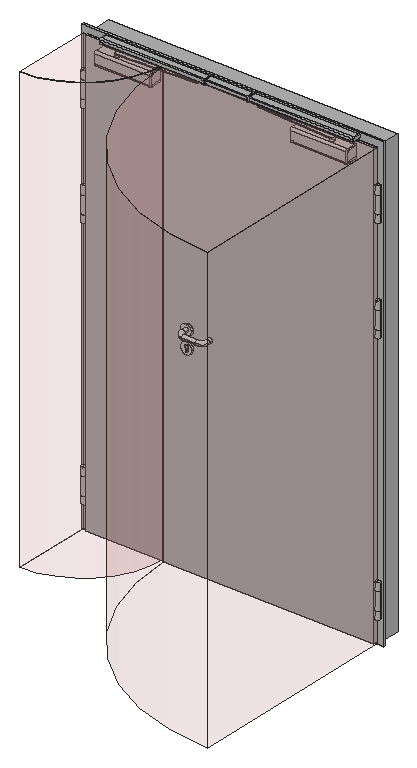
Revit family "ASSA ABLOY - ALPE Sp 120-2, double-leaf, angular frame", category Doors, host Wall, Revit 2021 (continued)
Definition of nested family "DC700 DC500 Door closer, Cam-Motion_ASSA ABLOY"
  Dimensions and locks
    locked: SweptBlend 8 sketch curve to SweptBlend 8 sketch curve at 0.8
    locked: plane 22 to plane 1 "Center (Front/Back)" at 30
    Sweep 9 sketch curve to Sweep 9 sketch curve = 18.000 mm
    aligned and locked: level to plane 2
    aligned and locked: plane 5 to Sweep 1 sketch curve
    aligned and locked: plane 6 to Sweep 1 sketch curve
    aligned and locked: plane 7 to SweptBlend 2 sketch curve
    aligned and locked: plane 5 to SweptBlend 2 sketch curve
    aligned and locked: SweptBlend 2 sketch curve to plane 1 "Center (Front/Back)"
    aligned and locked: plane 8 to SweptBlend 3 sketch curve
    aligned and locked: plane 6 to SweptBlend 3 sketch curve
    aligned and locked: plane 1 "Center (Front/Back)" to SweptBlend 3 sketch curve
    aligned and locked: plane 17 to Sweep 4 sketch curve
    aligned and locked: plane 16 to Sweep 4 sketch curve  (x2)
    aligned and locked: plane 13 to Sweep 4 sketch curve
    aligned and locked: plane 11 to Extrusion 5
    aligned and locked: Extrusion 5 to plane 19
    aligned and locked: Sweep 6 sketch curve to plane 21
    aligned and locked: plane 9 to Sweep 6 sketch curve
    aligned and locked: plane 10 to Sweep 6 sketch curve
    aligned and locked: plane 21 to Sweep 6 sketch curve
    aligned and locked: plane 11 to Sweep 6 sketch curve
    aligned and locked: Sweep 6 sketch curve to plane 12
    aligned and locked: SweptBlend 7 sketch curve to plane 21
    aligned and locked: plane 9 to SweptBlend 7 sketch curve
    aligned and locked: plane 14 to SweptBlend 7 sketch curve
    aligned and locked: plane 21 to SweptBlend 7 sketch curve  (x2)
    aligned and locked: plane 10 to SweptBlend 8 sketch curve
    aligned and locked: Sweep 9 sketch curve to plane 16
    aligned and locked: plane 19 to Sweep 9 sketch curve
    aligned and locked: plane 17 to Sweep 9 sketch curve
    aligned and locked: plane 18 to Sweep 9 sketch curve
    aligned and locked: plane 20 to Sweep 9 sketch curve
    aligned and locked: plane 16 to Sweep 9 sketch curve
    aligned and locked: plane 22 to Sweep 9 sketch curve
    aligned and locked: plane 22 to Sweep 4 sketch curve
  Automatic sketch dimensions
    plane 1 "Center (Front/Back)" to Sweep 1 sketch curve = 0.000 mm
    Sweep 1 sketch curve to profile plane = 0.000 mm
    profile plane to Sweep 1 sketch curve = 48.000 mm
    Sweep 1 sketch curve to Sweep 1 sketch curve = 0.000 mm
    Sweep 1 sketch curve to Sweep 1 sketch curve = 10.000 mm
    Sweep 1 sketch curve to level = 32.000 mm
    level to Sweep 1 sketch curve = 22.000 mm
    SweptBlend 2 sketch curve to profile plane = 0.000 mm  (x2)
    SweptBlend 2 sketch curve to level = 30.000 mm
    SweptBlend 2 sketch curve to profile plane = 46.250 mm  (x2)
    SweptBlend 2 sketch curve to SweptBlend 2 sketch curve = 9.375 mm
    level to SweptBlend 2 sketch curve = 20.625 mm
    SweptBlend 2 sketch curve to level = 23.250 mm
    SweptBlend 2 sketch curve to profile plane = 41.469 mm
    level to SweptBlend 2 sketch curve = 23.250 mm
    SweptBlend 2 sketch curve to SweptBlend 2 sketch curve = 0.000 mm
    SweptBlend 2 sketch curve to SweptBlend 2 sketch curve = 7.266 mm
    SweptBlend 3 sketch curve to profile plane = 0.000 mm  (x2)
    profile plane to SweptBlend 3 sketch curve = 46.250 mm  (x2)
    SweptBlend 3 sketch curve to level = 30.000 mm
    SweptBlend 3 sketch curve to SweptBlend 3 sketch curve = 9.375 mm
    level to SweptBlend 3 sketch curve = 20.625 mm
    profile plane to SweptBlend 3 sketch curve = 41.469 mm
    SweptBlend 3 sketch curve to level = 23.250 mm
    SweptBlend 3 sketch curve to SweptBlend 3 sketch curve = 0.000 mm
    SweptBlend 3 sketch curve to SweptBlend 3 sketch curve = 7.266 mm
    level to SweptBlend 3 sketch curve = 15.984 mm
    Extrusion 5 sketch curve to plane 18 = 0.000 mm
    plane 20 to Extrusion 5 sketch curve = 0.000 mm
    profile plane to Sweep 6 sketch curve = 35.000 mm
    Sweep 6 sketch curve to Sweep 6 sketch curve = 0.000 mm
    Sweep 6 sketch curve to Sweep 6 sketch curve = 4.000 mm
    profile plane to SweptBlend 7 sketch curve = 33.900 mm
    SweptBlend 7 sketch curve to SweptBlend 7 sketch curve = 0.000 mm  (x2)
    SweptBlend 7 sketch curve to SweptBlend 7 sketch curve = 4.000 mm
    level to SweptBlend 7 sketch curve = 49.300 mm
    SweptBlend 7 sketch curve to SweptBlend 7 sketch curve = 12.800 mm
    profile plane to SweptBlend 7 sketch curve = 31.700 mm
    SweptBlend 7 sketch curve to SweptBlend 7 sketch curve = 0.700 mm
    level to SweptBlend 7 sketch curve = 51.500 mm
    SweptBlend 7 sketch curve to SweptBlend 7 sketch curve = 15.000 mm
    SweptBlend 8 sketch curve to plane 21 = 0.000 mm
    SweptBlend 8 sketch curve to profile plane = 0.000 mm  (x2)
    SweptBlend 8 sketch curve to SweptBlend 8 sketch curve = 33.900 mm
    SweptBlend 8 sketch curve to SweptBlend 8 sketch curve = 0.000 mm  (x2)
    SweptBlend 8 sketch curve to SweptBlend 8 sketch curve = 4.000 mm
    level to SweptBlend 8 sketch curve = 49.300 mm
    SweptBlend 8 sketch curve to SweptBlend 8 sketch curve = 12.800 mm
    SweptBlend 8 sketch curve to profile plane = 31.700 mm
    SweptBlend 8 sketch curve to SweptBlend 8 sketch curve = 0.700 mm
    level to SweptBlend 8 sketch curve = 51.500 mm
    SweptBlend 8 sketch curve to SweptBlend 8 sketch curve = 15.000 mm
    radius of Sweep 4 sketch curve = 9.000 mm
    radius of Extrusion 5 sketch curve = 9.000 mm
Definition of nested family "G-CO guide rail for DC700 door closer"
  Parameters (values of type "G-CO guide rail for DC700 door closer")
    Thickness = 16.800 mm
    Min. Length [instance] = if(Length < 20.000 mm, 20.000 mm, Length)  # 100.000 mm
    Length [instance] = 100.000 mm
    Default Elevation = 0.000 mm
  Reference planes
    plane 1 "Center (Front/Back)": y = 0
    plane 2: z = 0
    plane 3 "Center (Left/Right)": x = 0
    plane 4: z = 0
    plane 5: x = -50
    plane 6: x = 50
    plane 7: z = 23
    plane 8: x = 45
    plane 9: x = -45
  Forms (mm)
    Sweep 1, solid
      path origin (0, -19.5, 0) x (1, 0, 0) y (0, 1, 0)
        loop
          line (-50, 0) -> (50, 0)
      profile origin (0, -19.5, 0) x (0, 1, 0) y (0, 0, 1)
        loop
          line (19.5, 0) -> (19.5, 23) -> (-15.5, 23)
          arc (-15.5, 23) -> (-18.328, 21.828) -> (-19.5, 19) r 4
          line (-19.5, 19) -> (-19.5, 4)
          arc (-19.5, 4) -> (-18.328, 1.172) -> (-15.5, 0) r 4
          line (-15.5, 0) -> (19.5, 0)
    Sweep 2, solid
      path origin (0, -19.5, 0) x (1, 0, 0) y (0, 1, 0)
        loop
          line (-50, 0) -> (-45, 0)
      profile origin (-47.5, -19.5, 0) x (0, 1, 0) y (0, 0, 1)
        loop
          line (19.5, -2) -> (19.5, 0) -> (-15.5, 0)
          arc (-15.5, 0) -> (-18.328, 1.172) -> (-19.5, 4) r 4
          line (-19.5, 4) -> (-19.5, 19)
          arc (-19.5, 19) -> (-18.328, 21.828) -> (-15.5, 23) r 4
          line (-15.5, 23) -> (19.5, 23) -> (19.5, 25) -> (-15.5, 25)
          arc (-15.5, 25) -> (-19.743, 23.243) -> (-21.5, 19) r 6
          line (-21.5, 19) -> (-21.5, 4)
          arc (-21.5, 4) -> (-19.743, -0.243) -> (-15.5, -2) r 6
          line (-15.5, -2) -> (19.5, -2)
    Sweep 3, solid
      path origin (0, -19.5, 0) x (1, 0, 0) y (0, 1, 0)
        loop
          line (45, 0) -> (50, 0)
      profile origin (47.5, -19.5, 0) x (0, 1, 0) y (0, 0, 1)
        loop
          line (19.5, -2) -> (19.5, 0) -> (-15.5, 0)
          arc (-15.5, 0) -> (-18.328, 1.172) -> (-19.5, 4) r 4
          line (-19.5, 4) -> (-19.5, 19)
          arc (-19.5, 19) -> (-18.328, 21.828) -> (-15.5, 23) r 4
          line (-15.5, 23) -> (19.5, 23) -> (19.5, 25) -> (-15.5, 25)
          arc (-15.5, 25) -> (-19.743, 23.243) -> (-21.5, 19) r 6
          line (-21.5, 19) -> (-21.5, 4)
          arc (-21.5, 4) -> (-19.743, -0.243) -> (-15.5, -2) r 6
          line (-15.5, -2) -> (19.5, -2)
  Dimensions and locks
    equal spacing: plane 5, plane 3 "Center (Left/Right)", plane 6
    "Min. Length": plane 5 to plane 6
    locked: plane 8 to plane 6 at 5
    locked: plane 5 to plane 9 at 5
    aligned and locked: level to plane 2
    aligned and locked: plane 5 to Sweep 1 sketch curve
    aligned and locked: plane 6 to Sweep 1 sketch curve
    aligned and locked: plane 5 to Sweep 2 sketch curve
    aligned and locked: plane 9 to Sweep 2 sketch curve
    aligned and locked: plane 6 to Sweep 3 sketch curve
    aligned and locked: plane 8 to Sweep 3 sketch curve
  Automatic sketch dimensions
    Sweep 1 sketch curve to level = 0.000 mm
    profile plane to Sweep 1 sketch curve = 19.500 mm
    Sweep 1 sketch curve to Sweep 1 sketch curve = 4.000 mm  (x2)
    Sweep 1 sketch curve to Sweep 1 sketch curve = 15.000 mm
    plane 1 "Center (Front/Back)" to Sweep 2 sketch curve = 19.500 mm
    Sweep 2 sketch curve to Sweep 2 sketch curve = 0.000 mm  (x4)
    Sweep 2 sketch curve to level = 0.000 mm
    profile plane to Sweep 2 sketch curve = 21.500 mm
    Sweep 2 sketch curve to Sweep 2 sketch curve = 4.000 mm  (x2)
    Sweep 2 sketch curve to Sweep 2 sketch curve = 15.000 mm
    Sweep 2 sketch curve to level = 2.000 mm
    plane 1 "Center (Front/Back)" to Sweep 3 sketch curve = 19.500 mm
    Sweep 3 sketch curve to Sweep 3 sketch curve = 0.000 mm  (x4)
    Sweep 3 sketch curve to level = 0.000 mm
    profile plane to Sweep 3 sketch curve = 21.500 mm
    Sweep 3 sketch curve to Sweep 3 sketch curve = 2.000 mm
    Sweep 3 sketch curve to Sweep 3 sketch curve = 4.000 mm  (x2)
    Sweep 3 sketch curve to Sweep 3 sketch curve = 15.000 mm
    plane 1 "Center (Front/Back)" to Sweep 1 sketch curve = 19.500 mm
    Sweep 1 sketch curve to profile plane = 19.500 mm
    Sweep 2 sketch curve to profile plane = 19.500 mm  (x2)
    Sweep 3 sketch curve to profile plane = 19.500 mm  (x2)
Definition of nested family "Detail_Door symbol"
  Parameters (values of type "Detail_Door symbol")
    Rough Width = 1398.000 mm
    Passive Symbol Radius = 387.500 mm
    Passive Leaf Width = 374.000 mm
    Middle Post = 1020.000 mm
    Active Symbol Radius = 1029.500 mm
    Active Leaf Width = 1016.000 mm
  Reference planes
    plane 1 "Center (Front/Back)": y = 0
    plane 2: z = 0
    plane 3 "Center (Left/Right)": x = 0
    plane 4: x = -699
    plane 5: y = -18.75
    plane 6: x = -711.5
    plane 7: y = -32.25
    plane 8: y = -48.25
    plane 9: y = -390.25
    plane 10: y = -406.25
    plane 11: x = -718.75
    plane 12: x = -703.75
    plane 13: x = -642.75
    plane 14: x = 699
    plane 15: y = -18.75
    plane 16: x = 711.5
    plane 17: y = -32.25
    plane 18: y = -48.25
    plane 19: y = -1032.25
    plane 20: y = -1048.25
    plane 21: x = 718.75
    plane 22: x = 703.75
    plane 23: x = 642.75
    plane 24: y = -322.25
    plane 25: y = -470.25
    plane 26: y = -421.25
    plane 27: x = -610.25
    plane 28: x = -610
    plane 29: y = -935.25
  Lines and regions (mm)
    Filled region 1, type "Solid Fill - White", in view "Ref. Level", detail levels fine
      outline origin (28.5, 43.059, 0) x (1, 0, 0) y (0, 1, 0)
        loop
          line (-747.25, -75.309) -> (-747.25, -449.309) -> (-732.25, -449.309) -> (-732.25, -433.309) -> (-671.25, -433.309) -> (-671.25, -91.309) -> (-732.25, -91.309) -> (-732.25, -75.309) -> (-747.25, -75.309)
    Filled region 2, type "Solid Fill - White", in view "Ref. Level", detail levels medium
      outline origin (-271.5, 43.059, 0) x (1, 0, 0) y (0, 1, 0)
        loop
          line (-447.25, -75.309) -> (-447.25, -449.309) -> (-371.25, -449.309) -> (-371.25, -75.309) -> (-447.25, -75.309)
    Filled region 3, type "Solid Fill - White", in view "Ref. Level", detail levels fine
      outline origin (-28.5, 43.059, 0) x (0, 1, 0) y (-1, 0, 0)
        loop
          line (-75.309, -747.25) -> (-75.309, -732.25) -> (-91.309, -732.25) -> (-91.309, -671.25) -> (-1075.309, -671.25) -> (-1075.309, -732.25) -> (-1091.309, -732.25) -> (-1091.309, -747.25) -> (-75.309, -747.25)
    Filled region 4, type "Solid Fill - White", in view "Ref. Level", detail levels fine
      outline origin (28.5, -61.941, 0) x (1, 0, 0) y (0, 1, 0)
        loop
          line (-668.75, -408.309) -> (-638.75, -408.309) -> (-638.75, -260.309) -> (-671.25, -260.309) -> (-671.25, -328.309) -> (-731.25, -328.309) -> (-731.25, -341.309) -> (-728.25, -349.309) -> (-728.25, -359.309) -> (-667.5, -359.309) -> (-667.5, -370.309) -> (-669.75, -385.809) -> (-669.75, -388.809) -> (-658.25, -388.809) -> (-658.25, -403.809) -> (-668.75, -403.809) -> (-668.75, -408.309)
    Filled region 5, type "Solid Fill - White", in view "Ref. Level", detail levels medium
      outline origin (183.5, -61.941, 0) x (1, 0, 0) y (0, 1, 0)
        loop
          line (-826.25, -260.309) -> (-826.25, -408.309) -> (-793.75, -408.309) -> (-793.75, -260.309) -> (-826.25, -260.309)
    Filled region 6, type "Solid Fill - White", in view "Ref. Level", detail levels medium
      outline origin (271.5, 43.059, 0) x (0, 1, 0) y (-1, 0, 0)
        loop
          line (-75.309, -447.25) -> (-75.309, -371.25) -> (-1091.309, -371.25) -> (-1091.309, -447.25) -> (-75.309, -447.25)
    detail lines, in view "Ref. Level"
      curve 1: arc (-711.5, -406.25, 0) -> (-437.496, -292.754, 0) -> (-324, -18.75, 0) r 387.5
      curve 3: arc (711.5, -1048.25, 0) -> (-16.466, -746.716, 0) -> (-318, -18.75, 0) r 1029.5
    detail lines, in view "Ref. Level", detail levels coarse
      curve 2: line (-711.5, -406.25, 0) -> (-711.5, -18.75, 0)
      curve 4: line (711.5, -1048.25, 0) -> (711.5, -18.75, 0)
    detail lines, in view "Ref. Level", detail levels fine
      curve 5: line (726.75, -945.25, 0) -> (726.75, -961.75, 0)
      curve 6: line (726.75, -908.75, 0) -> (718.75, -908.75, 0)
      curve 7: line (726.75, -961.75, 0) -> (718.75, -961.75, 0)
      curve 8: line (749.25, -925.25, 0) -> (726.75, -925.25, 0)
      curve 9: arc (749.25, -925.25, 0) -> (761.271, -920.271, 0) -> (766.25, -908.25, 0) r 17
      curve 10: line (766.25, -908.25, 0) -> (766.25, -841.25, 0)
      curve 11: arc (766.25, -841.25, 0) -> (761.271, -829.229, 0) -> (749.25, -824.25, 0) r 17
      curve 12: line (749.25, -824.25, 0) -> (735.75, -824.25, 0)
      curve 13: line (749.25, -804.25, 0) -> (735.75, -804.25, 0)
      curve 14: arc (786.25, -841.25, 0) -> (775.413, -815.087, 0) -> (749.25, -804.25, 0) r 37
      curve 15: line (786.25, -908.25, 0) -> (786.25, -841.25, 0)
      curve 16: arc (749.25, -945.25, 0) -> (775.413, -934.413, 0) -> (786.25, -908.25, 0) r 37
      curve 17: line (749.25, -945.25, 0) -> (726.75, -945.25, 0)
      curve 18: line (735.75, -824.25, 0) -> (735.75, -804.25, 0)
      curve 19: line (726.75, -925.25, 0) -> (726.75, -908.75, 0)
      curve 20: line (634.75, -945.25, 0) -> (634.75, -961.75, 0)
      curve 21: line (634.75, -908.75, 0) -> (642.75, -908.75, 0)
      curve 22: line (634.75, -961.75, 0) -> (642.75, -961.75, 0)
      curve 23: line (612.25, -925.25, 0) -> (634.75, -925.25, 0)
      curve 24: arc (612.25, -925.25, 0) -> (600.229, -920.271, 0) -> (595.25, -908.25, 0) r 17
      curve 25: line (595.25, -908.25, 0) -> (595.25, -841.25, 0)
      curve 26: arc (595.25, -841.25, 0) -> (600.229, -829.229, 0) -> (612.25, -824.25, 0) r 17
      curve 27: line (612.25, -824.25, 0) -> (625.75, -824.25, 0)
      curve 28: line (612.25, -804.25, 0) -> (625.75, -804.25, 0)
      curve 29: arc (575.25, -841.25, 0) -> (586.087, -815.087, 0) -> (612.25, -804.25, 0) r 37
      curve 30: line (575.25, -908.25, 0) -> (575.25, -841.25, 0)
      curve 31: arc (612.25, -945.25, 0) -> (586.087, -934.413, 0) -> (575.25, -908.25, 0) r 37
      curve 32: line (612.25, -945.25, 0) -> (634.75, -945.25, 0)
      curve 33: line (625.75, -824.25, 0) -> (625.75, -804.25, 0)
      curve 34: line (634.75, -925.25, 0) -> (634.75, -908.75, 0)
  Dimensions and locks
    locked: plane 10 to plane 9 at 16
    "Passive Leaf Width": plane 10 to plane 7
    locked: plane 11 to plane 4 at 19.75
    locked: plane 12 to plane 4 at 4.75
    locked: plane 11 to plane 13 at 76
    locked: plane 1 "Center (Front/Back)" to plane 5 at 18.75
    locked: plane 6 to plane 4 at 12.5
    locked: plane 1 "Center (Front/Back)" to plane 7 at 32.25
    locked: plane 7 to plane 8 at 16
    "Rough Width": plane 4 to plane 14
    equal spacing: plane 4, plane 3 "Center (Left/Right)", plane 14
    locked: plane 20 to plane 19 at 16
    "Active Leaf Width": plane 20 to plane 17
    locked: plane 21 to plane 14 at 19.75
    locked: plane 22 to plane 14 at 4.75
    locked: plane 21 to plane 23 at 76
    locked: plane 1 "Center (Front/Back)" to plane 15 at 18.75
    locked: plane 16 to plane 14 at 12.5
    locked: plane 1 "Center (Front/Back)" to plane 17 at 32.25
    locked: plane 17 to plane 18 at 16
    locked: plane 26 to plane 10 at 15
    locked: plane 26 to plane 25 at 49
    locked: plane 10 to plane 24 at 84
    locked: plane 13 to plane 27 at 32.5
    locked: plane 27 to plane 28 at 0.25
    locked: plane 20 to plane 29 at 113
    curve 22 to curve 32 to curve 23 to curve 21 = 16.500 mm locked, 20.000 mm locked, 16.500 mm locked
    locked: curve 22 to plane 29 at 26.5
    curve 6 to curve 8 to curve 17 to curve 7 = 16.500 mm locked, 20.000 mm locked, 16.500 mm locked
    locked: plane 29 to curve 7 at 26.5
    "Passive Symbol Radius": radius of curve 1
    "Active Symbol Radius": radius of curve 3
    aligned and locked: plane 6 to curve 1
    aligned and locked: plane 5 to curve 1
    aligned and locked: plane 11 to Filled region 1 sketch curve
    aligned and locked: Filled region 1 sketch curve to plane 10
    aligned and locked: Filled region 1 sketch curve to plane 12  (x2)
    aligned and locked: plane 9 to Filled region 1 sketch curve
    aligned and locked: Filled region 1 sketch curve to plane 13
    aligned and locked: Filled region 1 sketch curve to plane 7
    aligned and locked: plane 8 to Filled region 1 sketch curve
    aligned and locked: Filled region 2 sketch curve to plane 7
    aligned and locked: Filled region 2 sketch curve to plane 10
    aligned and locked: plane 11 to Filled region 2 sketch curve
    aligned and locked: Filled region 2 sketch curve to plane 13
    aligned and locked: curve 3 to plane 16
    aligned and locked: curve 3 to plane 15
    aligned and locked: plane 21 to Filled region 3 sketch curve
    aligned and locked: Filled region 3 sketch curve to plane 20
    aligned and locked: Filled region 3 sketch curve to plane 22  (x2)
    aligned and locked: plane 19 to Filled region 3 sketch curve
    aligned and locked: Filled region 3 sketch curve to plane 23
    aligned and locked: Filled region 3 sketch curve to plane 17
    aligned and locked: plane 18 to Filled region 3 sketch curve
    aligned and locked: plane 24 to Filled region 4 sketch curve
    aligned and locked: plane 9 to Filled region 4 sketch curve
    aligned and locked: Filled region 4 sketch curve to plane 25
    aligned and locked: plane 27 to Filled region 4 sketch curve
    aligned and locked: Filled region 4 sketch curve to plane 13
    aligned and locked: plane 24 to Filled region 5 sketch curve
    aligned and locked: plane 27 to Filled region 5 sketch curve
    aligned and locked: Filled region 5 sketch curve to plane 25
    aligned and locked: Filled region 5 sketch curve to plane 13
    aligned and locked: plane 17 to Filled region 6 sketch curve
    aligned and locked: Filled region 6 sketch curve to plane 21
    aligned and locked: plane 23 to Filled region 6 sketch curve
    aligned and locked: plane 20 to Filled region 6 sketch curve
    aligned and locked: plane 15 to curve 4
    aligned and locked: curve 4 to plane 16
  Automatic sketch dimensions
    Filled region 4 sketch curve to plane 26 = 0.000 mm
    plane 13 to Filled region 4 sketch curve = 1.500 mm
    plane 10 to Filled region 4 sketch curve = 5.000 mm
    Filled region 4 sketch curve to plane 10 = 3.000 mm
    Filled region 4 sketch curve to Filled region 4 sketch curve = 3.000 mm
    Filled region 4 sketch curve to Filled region 4 sketch curve = 11.000 mm
    Filled region 4 sketch curve to Filled region 4 sketch curve = 15.000 mm
    plane 13 to Filled region 4 sketch curve = 3.750 mm
    plane 25 to Filled region 4 sketch curve = 4.500 mm
    plane 12 to Filled region 4 sketch curve = 1.000 mm
    Filled region 4 sketch curve to plane 4 = 0.750 mm
    Filled region 4 sketch curve to Filled region 4 sketch curve = 11.500 mm
    plane 13 to Filled region 4 sketch curve = 2.500 mm
    curve 9 to curve 16 = 0.000 mm  (x2)
    curve 11 to curve 14 = 0.000 mm  (x2)
    curve 24 to curve 31 = 0.000 mm  (x2)
    curve 26 to curve 29 = 0.000 mm  (x2)
    curve 22 to plane 23 = 0.000 mm
    curve 21 to plane 23 = 0.000 mm
    curve 7 to plane 21 = 0.000 mm
    curve 6 to plane 21 = 0.000 mm
    curve 2 to plane 5 = 0.000 mm
    plane 23 to curve 30 = 67.500 mm
    curve 24 to curve 31 = 17.000 mm
    curve 25 to curve 29 = 17.000 mm
    curve 29 to curve 28 = 13.500 mm
    plane 23 to curve 23 = 8.000 mm
    plane 23 to curve 32 = 8.000 mm
    plane 21 to curve 19 = 8.000 mm
    plane 21 to curve 7 = 8.000 mm
    plane 21 to curve 13 = 17.000 mm
    curve 5 to curve 17 = 22.500 mm
    curve 12 to curve 11 = 13.500 mm
    curve 9 to curve 10 = 17.000 mm
    curve 24 to curve 26 = 67.000 mm
    curve 9 to curve 11 = 67.000 mm
Types (7, lengths in mm): name | Rough Width Real | Rough Height Real | Passive Symbol Radius | Passive Leaf Width | Middle Post | Hinges Visibility | Handle Height | Guide Rail Length | Width Round | Rough Width | Rough Height | Readme | Height Round | Height | Width | Door Closer and Coordinator Visibility | Active Symbol Radius | Active Leaf Width | Active Leaf Clear Passage Width
  1170 x 600 (1175 x 601) | 1318.000 | 659.000 | 453.500 | 440.000 | 874.000 | no | 320.000 | 136.000 | 1170.000 | 1320.000 | 660.000 | "The actual lintel height is consistent with the Rough Height parameter.\nThe final HW Set should be consistent with the function of the door and its  parameters.\nHardware mounted on door surface may affect the clear passage opening. For verification, please contact the specification department.\nFor the corner door frame installed in a steel structure and plasterboard walls, add 3 cm per each leaf to the width of the Rough Width opening.\r\nIn double leaf doors in case of distance less than 1350mm between hinges, door closer type and coordinator should be confirmed with Provider." | 600.000 | 600.000 | 1170.000 | no | 883.500 | 870.000 | 754.000
  1250 x 2100 (1255 x 2101) | 1398.000 | 2159.000 | 387.500 | 374.000 | 1020.000 | yes | 1055.000 | 216.000 | 1250.000 | 1400.000 | 2160.000 | "The actual lintel height is consistent with the Rough Height parameter.\nThe final HW Set should be consistent with the function of the door and its  parameters.\nHardware mounted on door surface may affect the clear passage opening. For verification, please contact the specification department.\nFor the corner door frame installed in a steel structure and plasterboard walls, add 3 cm per each leaf to the width of the Rough Width opening.\r\nIn double leaf doors in case of distance less than 1350mm and more than 2500mm between hinges, door closer type and coordinator should be confirmed with the Provider." | 2100.000 | 2100.000 | 1250.000 | yes | 1029.500 | 1016.000 | 900.000
  1400 x 2100 (1405 x 2101) | 1548.000 | 2159.000 | 783.500 | 770.000 | 774.000 | yes | 1055.000 | 366.000 | 1400.000 | 1550.000 | 2160.000 | "The actual lintel height is consistent with the Rough Height parameter.\nThe final HW Set should be consistent with the function of the door and its  parameters.\nHardware mounted on door surface may affect the clear passage opening. For verification, please contact the specification department.\nFor the corner door frame installed in a steel structure and plasterboard walls, add 3 cm per each leaf to the width of the Rough Width opening." | 2100.000 | 2100.000 | 1400.000 | yes | 783.500 | 770.000 | 654.000
  1600 x 2100 (1605 x 2101) | 1748.000 | 2159.000 | 883.500 | 870.000 | 874.000 | yes | 1055.000 | 566.000 | 1600.000 | 1750.000 | 2160.000 | "The actual lintel height is consistent with the Rough Height parameter.\nThe final HW Set should be consistent with the function of the door and its  parameters.\nHardware mounted on door surface may affect the clear passage opening. For verification, please contact the specification department.\nFor the corner door frame installed in a steel structure and plasterboard walls, add 3 cm per each leaf to the width of the Rough Width opening.\r\nIn double leaf doors in case of distance less than 1350mm between hinges, door closer type and coordinator should be confirmed with Provider." | 2100.000 | 2100.000 | 1600.000 | yes | 883.500 | 870.000 | 754.000
  1800 x 2100 (1805 x 2101) | 1948.000 | 2159.000 | 983.500 | 970.000 | 974.000 | yes | 1055.000 | 766.000 | 1800.000 | 1950.000 | 2160.000 | "The actual lintel height is consistent with the Rough Height parameter.\nThe final HW Set should be consistent with the function of the door and its  parameters.\nHardware mounted on door surface may affect the clear passage opening. For verification, please contact the specification department.\nFor the corner door frame installed in a steel structure and plasterboard walls, add 3 cm per each leaf to the width of the Rough Width opening." | 2100.000 | 2100.000 | 1800.000 | yes | 983.500 | 970.000 | 854.000
  2000 x 2100 (2005 x 2101) | 2148.000 | 2159.000 | 1083.500 | 1070.000 | 1074.000 | yes | 1055.000 | 966.000 | 2000.000 | 2150.000 | 2160.000 | "The actual lintel height is consistent with the Rough Height parameter.\nThe final HW Set should be consistent with the function of the door and its  parameters.\nHardware mounted on door surface may affect the clear passage opening. For verification, please contact the specification department.\nFor the corner door frame installed in a steel structure and plasterboard walls, add 3 cm per each leaf to the width of the Rough Width opening." | 2100.000 | 2100.000 | 2000.000 | yes | 1083.500 | 1070.000 | 954.000
  2370 x 2500 (2375 x 2501) | 2518.000 | 2559.000 | 1268.500 | 1255.000 | 1259.000 | yes | 1055.000 | 1336.000 | 2370.000 | 2520.000 | 2560.000 | "The actual lintel height is consistent with the Rough Height parameter.\nThe final HW Set should be consistent with the function of the door and its  parameters.\nHardware mounted on door surface may affect the clear passage opening. For verification, please contact the specification department.\nFor the corner door frame installed in a steel structure and plasterboard walls, add 3 cm per each leaf to the width of the Rough Width opening." | 2500.000 | 2500.000 | 2370.000 | yes | 1268.500 | 1255.000 | 1139.000
